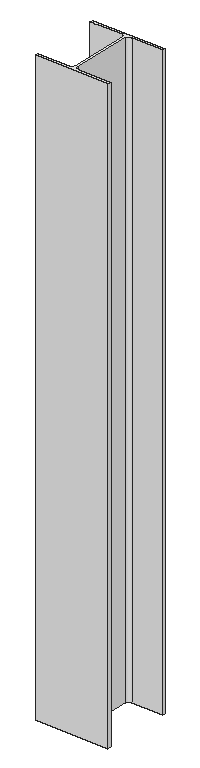
Revit family "UBP-범용 내력 파일-기둥", category 구조 기둥, Revit 2026
Family settings
  단면 모양 = 정의되지 않음
  모델 동작 재료 = 스틸
  항상 형상으로 내보내기 = 아니오
  평면의 보 전환 = 경계 상자에서
  로드될 때 보이드를 사용하여 절단 = 아니오
  기호 표현 = 프로젝트 설정에서
  공유 = 아니오
  평면도에서 미리 절단된 패밀리 표시 = 예
Parameters (values of type "305x305x79UBP")
  Assembly Code = ""
  Structural Material [instance] = 금속 - 스틸 - 345 MPa
  A = 0.01 m²
  Ix = 16440
  M = 78.9
  공칭 h = "305"
  Zx = 1099
  b = 306.4 mm
  h = 299.3 mm
  r = 15.2 mm
  s = 11 mm
  t = 11.1 mm
Reference planes
  plane 1: y = 0
  plane 2: z = 0
  plane 3: x = 0
  plane 4: x = -153.2
  plane 5: x = 153.2
  plane 6: y = 149.65
  plane 7: y = -149.65
  plane 8: x = -3.969
  plane 9: x = 3.969
Forms (mm)
  Extrusion 1, solid, material "금속 - 스틸 - 345 MPa" <- "Structural Material", detail levels medium
    sketch origin (0, 0, 0) x (1, 0, 0) y (0, 1, 0)
      loop
        line (-153.2, 149.65) -> (-153.2, 138.55) -> (-5.5, 138.55) -> (-5.5, -138.55) -> (-153.2, -138.55) -> (-153.2, -149.65) -> (153.2, -149.65) -> (153.2, -138.55) -> (5.5, -138.55) -> (5.5, 138.55) -> (153.2, 138.55) -> (153.2, 149.65) -> (-153.2, 149.65)
    from 0 to 2500
  Extrusion 2, solid, material "금속 - 스틸 - 345 MPa" <- "Structural Material", detail levels fine
    sketch origin (0, 0, 0) x (1, 0, 0) y (0, 1, 0)
      loop
        line (-153.2, 149.65) -> (-153.2, 138.55) -> (-20.7, 138.55)
        arc (-20.7, 138.55) -> (-9.952, 134.098) -> (-5.5, 123.35) r 15.2
        line (-5.5, 123.35) -> (-5.5, -123.35)
        arc (-5.5, -123.35) -> (-9.952, -134.098) -> (-20.7, -138.55) r 15.2
        line (-20.7, -138.55) -> (-153.2, -138.55) -> (-153.2, -149.65) -> (153.2, -149.65) -> (153.2, -138.55) -> (20.7, -138.55)
        arc (20.7, -138.55) -> (9.952, -134.098) -> (5.5, -123.35) r 15.2
        line (5.5, -123.35) -> (5.5, 123.35)
        arc (5.5, 123.35) -> (9.952, 134.098) -> (20.7, 138.55) r 15.2
        line (20.7, 138.55) -> (153.2, 138.55) -> (153.2, 149.65) -> (-153.2, 149.65)
    from 0 to 2500
Lines and regions (mm)
  symbolic lines, style "StructuralColumnStickSymbols", detail levels coarse
    curve 1: line (-153.2, 149.65, 0) -> (153.2, 149.65, 0)
    curve 2: line (-153.2, -149.65, 0) -> (153.2, -149.65, 0)
    curve 3: line (0, 149.65, 0) -> (0, -149.65, 0)
  symbolic lines, style "숨겨진 면", detail levels medium+fine
    curve 4: line (-3.969, 0, 0) -> (-3.969, 0, 2500)
    curve 5: line (3.969, 0, 2500) -> (3.969, 0, 0)
Dimensions and locks
  equal spacing: plane 4, plane 3, plane 5
  equal spacing: plane 7, plane 1, plane 6
  "h": plane 7 to plane 6
  "b": plane 4 to plane 5
  "t": plane 7 to Extrusion 1 sketch curve
  "t": Extrusion 1 sketch curve to plane 6
  equal spacing: Extrusion 1 sketch curve, plane 3, Extrusion 1 sketch curve
  "s": Extrusion 1 sketch curve to Extrusion 1 sketch curve
  "r": radius of Extrusion 2 sketch curve  (x4)
  aligned and locked: plane 6 to Extrusion 1 sketch curve
  aligned and locked: Extrusion 1 sketch curve to plane 7
  aligned and locked: Extrusion 1 sketch curve to plane 4  (x2)
  aligned and locked: plane 5 to Extrusion 1 sketch curve  (x2)
  aligned and locked: Extrusion 1 sketch curve to Extrusion 1 sketch curve  (x2)
  aligned and locked: level to Extrusion 1
  aligned and locked: level to plane 2
  aligned and locked: Extrusion 1 to plane 2
  aligned and locked: plane 6 to Extrusion 2 sketch curve
  aligned and locked: plane 5 to Extrusion 2 sketch curve  (x2)
  aligned and locked: Extrusion 2 sketch curve to plane 4  (x2)
  aligned and locked: Extrusion 2 sketch curve to Extrusion 1  (x6)
  aligned and locked: Extrusion 2 sketch curve to plane 7
  aligned and locked: level to Extrusion 2
  aligned and locked: Extrusion 2 to level
Automatic sketch dimensions
  curve 2 to plane 4 = 0 mm
  curve 1 to plane 4 = 0 mm
  curve 3 to plane 3 = 0 mm
  curve 2 to plane 5 = 0 mm
  curve 1 to plane 5 = 0 mm
  curve 3 to plane 7 = 0 mm
  curve 3 to plane 6 = 0 mm
  curve 4 to level = 0 mm  (x2)
  curve 4 to plane 8 = 0 mm
  curve 5 to level = 0 mm  (x2)
  curve 5 to plane 9 = 0 mm
